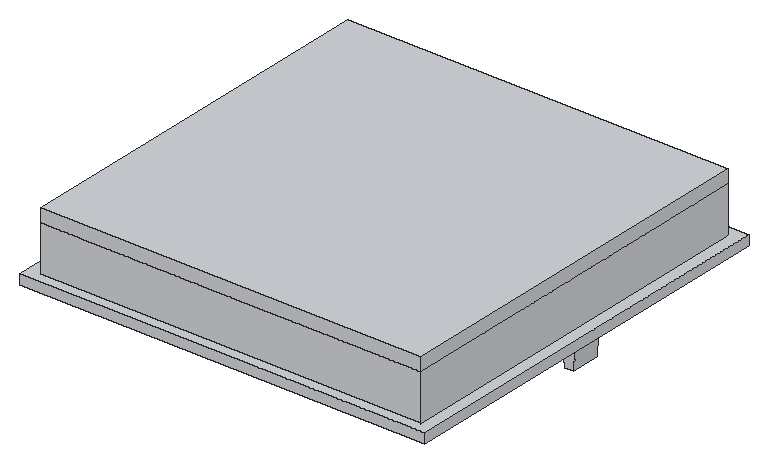
Revit family "Gira_067667", category Electrical Fixtures, host Face, Revit 2017
Family settings
  Host = Face
  Maintain Annotation Orientation = No
  Round Connector Dimension = Use Diameter
  Part Type = Normal
  Cut with Voids When Loaded = No
  Shared = No
  Room Calculation Point = No
Parameters (values of type "Wippe BSF Gira TX_44 (WG UP) Anthrazit")
  Werkstoffgüte = "sonstige"
  Werkstoff = "Kunststoff"
  Verwendung = "Schalter/Taster"
  URL = "http://katalog.gira.de/de_DE/datenblatt.html?artikelnr=067667"
  Region = "DE"
  Oberfläche = "sonstige"
  Name = "Wippe BSF Gira TX_44 (WG UP) Anthrazit"
  Mit austauschbarer Linse/Symbol = "No"
  Mit Beschriftungsfeld = "Yes"
  Manufacturer URL = "https://www.gira.de/"
  Kontrollfenster/Lichtauslass = "No"
  Keynote = "TX44_Abdeckung_Schalten und Tasten"
  HeinzeBIM = "https://bimportal.heinze.de/bim/wippe-bsf-gira-tx-44-wg-up-anthrazit/d3ce9bbda067f0c8fadc0b26d8f430b8983bad8a"
  Halogenfrei = "Yes"
  HAN = "067667"
  Geeignet für Schutzart (IP) = "IP44"
  Geeignet für Bussystem-Tasterankopplung = "No"
  GTIN = "4010337676676"
  Farbe = "anthrazit"
  Default Elevation = 1219.2 mm
  Data sheet (1) = "https://katalog.gira.de/de_DE/download.html?artikelnr=067667"
  Category = "Abdeckung/Bedienelement für Installationsschalterprogramme"
  Befestigungsart = "Klemmbefestigung"
  Available = "Yes"
  Ausführung = "einteilige Wippe"
  Aufdruck/Kennzeichnung = "ohne Aufdruck"
  Abtastbares Symbol/barrierefrei = "No"
Reference planes
  plane 1 "Center (Front/Back)": y = 0
  plane 2: z = 0
  plane 3 "Center (Left/Right)": x = 0
Forms (mm)
  Extrusion 1, solid, detail levels fine
    sketch origin (0, 0, 0) x (1, 0, 0) y (0, 1, 0)
      loop
        line (34.85, 34.85) -> (-34.85, 34.85) -> (-34.85, -34.85) -> (34.85, -34.85) -> (34.85, 34.85)
      loop
        line (-31.45, 31.8) -> (-31.45, -31.8) -> (31.45, -31.8) -> (31.45, 31.8) -> (-31.45, 31.8)
    from 0 to 1.7
  Extrusion 2, solid, detail levels fine
    sketch origin (0, 0, 0) x (1, 0, 0) y (0, 1, 0)
      loop
        line (32.8, 33.05) -> (-32.8, 33.05) -> (-32.8, -33.05) -> (32.8, -33.05) -> (32.8, 33.05)
      loop
        line (-31.45, 31.8) -> (-31.45, -31.8) -> (31.45, -31.8) -> (31.45, 31.8) -> (-31.45, 31.8)
    from 1.566 to 9.515
  Extrusion 3, solid, detail levels fine
    sketch origin (0, 0, 0) x (1, 0, 0) y (0, 1, 0)
      loop
        line (32.8, 33.05) -> (-32.8, 33.05) -> (-32.8, -33.05) -> (32.8, -33.05) -> (32.8, 33.05)
    from 9.515 to 11.816
  Extrusion 4, solid, detail levels fine
    sketch origin (0, 0, 0) x (1, 0, 0) y (0, 0, 1)
      loop
        line (-32.815, 0) -> (-34.827, 0) -> (-34.611, -3.084) -> (-33.031, -3.084) -> (-32.815, 0)
      loop
        line (32.815, 0) -> (33.031, -3.084) -> (34.611, -3.084) -> (34.827, 0) -> (32.815, 0)
    from -2.513 to 2.5
  Extrusion 5, solid, detail levels fine
    sketch origin (0, 0, 0) x (1, 0, 0) y (0, 1, 0)
      loop
        spline (-23.686, 23.152) -> (-23.856, 23.114) -> (-24.022, 23.062) -> (-24.184, 22.995) -> (-24.338, 22.915) -> (-24.486, 22.821) -> (-24.624, 22.715) -> (-24.753, 22.597) -> (-24.87, 22.468) -> (-24.977, 22.33) -> (-25.07, 22.183) -> (-25.151, 22.028) -> (-25.218, 21.867)
        line (-25.218, 21.867) -> (-29.35, 10.513) -> (-29.35, -10.487) -> (-25.218, -21.841)
        spline (-25.218, -21.841) -> (-25.151, -22.002) -> (-25.07, -22.156) -> (-24.977, -22.304) -> (-24.87, -22.442) -> (-24.753, -22.571) -> (-24.624, -22.688) -> (-24.486, -22.795) -> (-24.338, -22.888) -> (-24.184, -22.969) -> (-24.022, -23.036) -> (-23.856, -23.088) -> (-23.686, -23.126)
        line (-23.686, -23.126) -> (0, -27.302) -> (23.686, -23.126)
        spline (23.686, -23.126) -> (23.856, -23.088) -> (24.022, -23.036) -> (24.184, -22.969) -> (24.338, -22.888) -> (24.486, -22.795) -> (24.624, -22.688) -> (24.753, -22.571) -> (24.87, -22.442) -> (24.977, -22.304) -> (25.07, -22.156) -> (25.151, -22.002) -> (25.218, -21.841)
        line (25.218, -21.841) -> (29.35, -10.487) -> (29.35, 10.513) -> (25.218, 21.867)
        spline (25.218, 21.867) -> (25.151, 22.028) -> (25.07, 22.183) -> (24.977, 22.33) -> (24.87, 22.468) -> (24.753, 22.597) -> (24.624, 22.715) -> (24.486, 22.821) -> (24.338, 22.915) -> (24.184, 22.995) -> (24.022, 23.062) -> (23.856, 23.114) -> (23.686, 23.152)
        line (23.686, 23.152) -> (0, 27.328) -> (-23.686, 23.152)
      loop
        line (-24.278, 21.525) -> (-28.35, 10.337) -> (-28.35, -10.311) -> (-24.278, -21.498)
        spline (-24.278, -21.498) -> (-24.245, -21.579) -> (-24.204, -21.656) -> (-24.157, -21.73) -> (-24.104, -21.799) -> (-24.045, -21.863) -> (-23.981, -21.922) -> (-23.912, -21.976) -> (-23.838, -22.022) -> (-23.761, -22.063) -> (-23.68, -22.096) -> (-23.597, -22.122) -> (-23.512, -22.141)
        line (-23.512, -22.141) -> (0, -26.287) -> (23.512, -22.141)
        spline (23.512, -22.141) -> (23.597, -22.122) -> (23.68, -22.096) -> (23.761, -22.063) -> (23.838, -22.022) -> (23.912, -21.976) -> (23.981, -21.922) -> (24.045, -21.863) -> (24.104, -21.799) -> (24.157, -21.73) -> (24.204, -21.656) -> (24.245, -21.579) -> (24.278, -21.498)
        line (24.278, -21.498) -> (28.35, -10.311) -> (28.35, 10.337) -> (24.278, 21.525)
        spline (24.278, 21.525) -> (24.245, 21.605) -> (24.204, 21.683) -> (24.157, 21.756) -> (24.104, 21.825) -> (24.045, 21.89) -> (23.981, 21.949) -> (23.912, 22.002) -> (23.838, 22.048) -> (23.761, 22.089) -> (23.68, 22.122) -> (23.597, 22.148) -> (23.512, 22.167)
        line (23.512, 22.167) -> (0, 26.313) -> (-23.512, 22.167)
        spline (-23.512, 22.167) -> (-23.597, 22.148) -> (-23.68, 22.122) -> (-23.761, 22.089) -> (-23.838, 22.048) -> (-23.912, 22.002) -> (-23.981, 21.949) -> (-24.045, 21.89) -> (-24.104, 21.825) -> (-24.157, 21.756) -> (-24.204, 21.683) -> (-24.245, 21.605) -> (-24.278, 21.525)
    from 4.866 to 9.515
  Extrusion 6, solid, detail levels fine
    sketch origin (0, 0, 0) x (1, 0, 0) y (0, 1, 0)
      loop
        arc (0, 8.51) -> (-1.055, 8.223) -> (-1.717, 7.352) r 1.7
        line (-1.717, 7.352) -> (-2.205, 5.894) -> (-2.205, 4.213) -> (-4.36, 4.213)
        arc (-4.36, 4.213) -> (-4.865, 4.091) -> (-5.257, 3.75) r 1.1
        arc (-5.257, 3.75) -> (-6.02, 2.328) -> (-6.406, 0.761) r 6.45
        arc (-6.406, 0.761) -> (-6.7, 0.013) -> (-6.406, -0.735) r 1.1
        arc (-6.406, -0.735) -> (-6.02, -2.302) -> (-5.257, -3.724) r 6.45
        arc (-5.257, -3.724) -> (-4.865, -4.064) -> (-4.36, -4.187) r 1.1
        line (-4.36, -4.187) -> (-2.1, -4.187) -> (-2.1, -5.243)
        arc (-2.1, -5.243) -> (-1.847, -5.944) -> (-1.206, -6.323) r 1.1
        arc (-1.206, -6.323) -> (0, -6.437) -> (1.206, -6.323) r 6.45
        arc (1.206, -6.323) -> (1.847, -5.944) -> (2.1, -5.243) r 1.1
        line (2.1, -5.243) -> (2.1, -4.187) -> (4.36, -4.187)
        arc (4.36, -4.187) -> (4.865, -4.064) -> (5.257, -3.724) r 1.1
        arc (5.257, -3.724) -> (6.02, -2.302) -> (6.406, -0.735) r 6.45
        arc (6.406, -0.735) -> (6.7, 0.013) -> (6.406, 0.761) r 1.1
        arc (6.406, 0.761) -> (6.02, 2.328) -> (5.257, 3.75) r 6.45
        arc (5.257, 3.75) -> (4.865, 4.091) -> (4.36, 4.213) r 1.1
        line (4.36, 4.213) -> (2.205, 4.213) -> (2.205, 5.894) -> (1.717, 7.352)
        arc (1.717, 7.352) -> (1.055, 8.223) -> (0, 8.51) r 1.7
    from -6.834 to 9.515
  Extrusion 7, solid, detail levels coarse
    sketch origin (0, 0, 0) x (1, 0, 0) y (0, 1, 0)
      loop
        line (34.85, 34.85) -> (-34.85, 34.85) -> (-34.85, -34.85) -> (34.85, -34.85) -> (34.85, 34.85)
    from -6.834 to 11.816
  Extrusion 8, solid, detail levels medium
    sketch origin (0, 0, 0) x (1, 0, 0) y (0, 1, 0)
      loop
        line (32.8, 33.05) -> (-32.8, 33.05) -> (-32.8, -33.05) -> (32.8, -33.05) -> (32.8, 33.05)
    from 1.566 to 11.816
  Extrusion 9, solid, detail levels medium
    sketch origin (0, 0, 0) x (1, 0, 0) y (0, 1, 0)
      loop
        line (34.85, 34.85) -> (-34.85, 34.85) -> (-34.85, -34.85) -> (34.85, -34.85) -> (34.85, 34.85)
    from 0 to 1.7
  Extrusion 10, solid, detail levels medium
    sketch origin (0, 0, 0) x (1, 0, 0) y (0, 1, 0)
      loop
        circle (0, 1.036) r 7.473
    from -6.834 to 9.515
  Extrusion 11, solid, detail levels medium
    sketch origin (0, 0, 0) x (1, 0, 0) y (0, 0, 1)
      loop
        line (-32.815, -3.084) -> (-32.815, 0) -> (-34.827, 0) -> (-34.827, -3.084) -> (-32.815, -3.084)
      loop
        line (32.815, -3.084) -> (34.827, -3.084) -> (34.827, 0) -> (32.815, 0) -> (32.815, -3.084)
    from -2.513 to 2.5
Dimensions and locks
  aligned and locked: plane 2 to host face
  aligned and locked: level to host face
